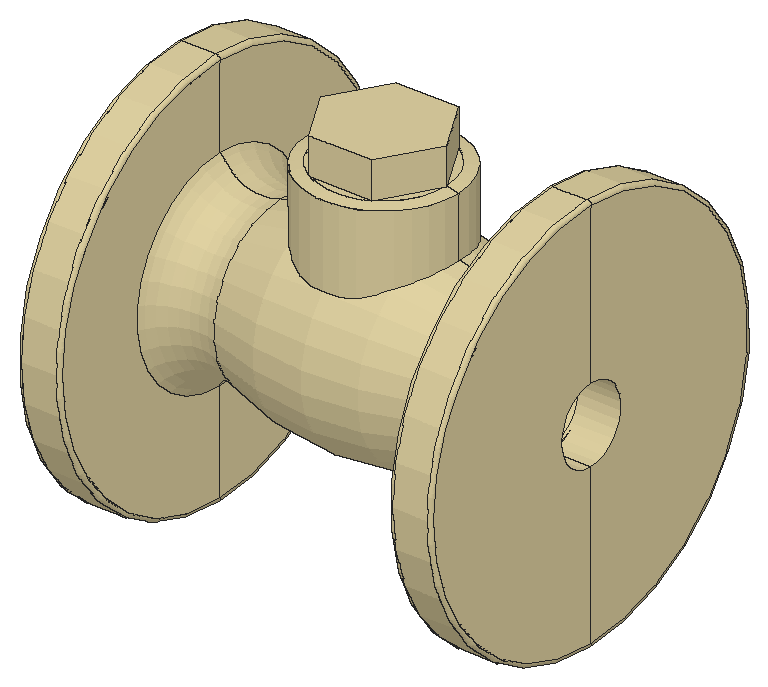
Revit family "DA04260000", category Apparecchi idraulici, Revit 2020
Family settings
  Quota connettore circolare = Usa diametro
  Tipo di parte = Normale
  Numero OmniClass = 23.45.00.00
  Titolo OmniClass = Sanitary, Laundry, and Cleaning Equipment
  Basato su piano di lavoro = No
  Sempre verticale = Sì
  Taglio con vuoti quando caricato = No
  Condiviso = No
  Punto di calcolo locali = No
Parameters
  URL = "https://web.cimberio.com/index.php/figura/688?subcategoria_id=35"
  Temperatura di esercizio = "-10 ÷ 170°C"
  Prospetto di default = 0 mm
  Produttore = "CIMBERIO SPA"
  Pressione nominale = "PN 16"
  Modello = "Cim 79PN16"
  Materiale = "Prodotto in lega di bronzo conforme alla norma EN 1982-CC491K"
  Descrizione = "Utilizzato nei più svariati settori dell'impiantistica in condutture anti-ritorno per: reti di distribuzione acqua potabile, impianti di riscaldamento, condizionamento, igienico-sanitari e distribuzione idrocarburi"
  DN Model [instance] = DA04263110 : DA04263110
  DN [instance] = 15 mm
  Commenti sul tipo = "Realizzato in ottemperanza ai requisiti gestionali della norma EN ISO 9001.\r\nCollaudato al 100% secondo la normativa EN 12266-1"
Reference planes
  plane 1 "Centro (Fronte/Retro)": y = 0
  plane 2: z = 0
  plane 3 "Centro (Sinistra/Destra)": x = 0
Dimensions and locks
  aligned and locked: level to plane 2
Nested families
  nested 1: "DA04263110" at (0, 0, 0), type <- "DN Model", type "DA04263110"
  nested 2: "DA04263110" at (0, 0, 0), type <- "DN Model", type "DA04263110"
  nested 3: "DA04263110" at (0, 0, 0), type <- "DN Model", type "DA04263110"
  nested 4: "DA04263110" at (0, 0, 0), type <- "DN Model", type "DA04263110"
  nested 5: "DA04263110" at (0, 0, 0), type <- "DN Model", type "DA04263110"
  nested 6: "DA04263110" at (0, 0, 0), type <- "DN Model", type "DA04263110"
  nested 7: "DA04263110" at (0, 0, 0), type <- "DN Model", type "DA04263110"
  nested 8: "DA04263110" at (0, 0, 0), type <- "DN Model", type "DA04263110"
  nested 9: "DA04263110" at (0, 0, 0), type <- "DN Model", type "DA04263110"
Connectors
  piping at (41.407, 0, 0), diameter 15, driven by "DN"
    settings: on nested 1, index 1, connector inside diameter 609.6 mm, connector length 0 mm, flow factor 0, pipe flow 0.0 L/s, pressure drop 0.0 Pa, fitting loss kfactor 0, connector angle 0.00°, fixture units 0, engagement length 0 mm, angle of deflection 0.00°, flow configuration 0, flow direction 0, fitting loss method 0, system type 7, joint type 0, gender type 0, connector reference index -1, connector utility 0, adjustable connector no, is connector primary yes, connector description ""
  piping at (-41.232, 0, 0), diameter 15, driven by "DN"
    settings: on nested 1, index 2, connector inside diameter 609.6 mm, connector length 0 mm, flow factor 0, pipe flow 0.0 L/s, pressure drop 0.0 Pa, fitting loss kfactor 0, connector angle 0.00°, fixture units 0, engagement length 0 mm, angle of deflection 0.00°, flow configuration 0, flow direction 0, fitting loss method 0, system type 7, joint type 0, gender type 0, connector reference index -1, connector utility 0, adjustable connector no, is connector primary no, connector description ""
Definition of nested family "DA04263110"
  Parameters (values of type "DA04313110")
    Default Elevation = 0 mm
  Reference planes
    plane 1 "Centro (Fronte/Retro)": y = 0
    plane 2: z = 0
    plane 3 "Centro (Sinistra/Destra)": x = 0
  Forms (mm)
    Revolve 1, solid
      sketch origin (0, 0, 0) x (1, 0, 0) y (0, 0, 1)
        loop
          line (33.343, -7.5) -> (-32.983, -7.5) -> (-32.983, -19.288)
          arc (-32.983, -19.288) -> (-27.734, -14.585) -> (-20.687, -14.614) r 9.811
          arc (-20.687, -14.614) -> (0, -18.5) -> (20.687, -14.614) r 57
          arc (20.687, -14.614) -> (28.136, -14.748) -> (33.343, -20.077) r 9.811
          line (33.343, -20.077) -> (33.343, -7.5)
        axis (-32.983, 2) -> (33.343, 2)
      angle from 0 to 360
    Revolve 2, solid
      sketch origin (0, 0, 0) x (1, 0, 0) y (0, 0, 1)
        loop
          line (-15, 4.172) -> (0, 4.172) -> (0, 32.573) -> (-12.5, 32.573) -> (-15, 32.132) -> (-15, 4.172)
        axis (0, 32.573) -> (0, 4.172)
      angle from 0 to 360
    Extrusion 3, solid
      sketch origin (0, 0, 0) x (0, -1, 0) y (1, 0, 0)
        loop
          line (0, 12.5) -> (-10.825, 6.25) -> (-10.825, -6.25) -> (0, -12.5) -> (10.825, -6.25) -> (10.825, 6.25) -> (0, 12.5)
      from 32.132 to 39.804
    Revolve 4, solid
      sketch origin (-6.732, 0, 0) x (1, 0, 0) y (0, 0, 1)
        loop
          line (-34.5, 39.192) -> (-34.5, 7.5) -> (-26, 7.5) -> (-26, 39.165)
          arc (-26, 39.165) -> (-26.244, 39.756) -> (-26.835, 40) r 0.835
          line (-26.835, 40) -> (-33.692, 40)
          arc (-33.692, 40) -> (-34.263, 39.763) -> (-34.5, 39.192) r 0.808
        axis (-34.5, 0) -> (-26, 0)
      angle from 0 to 360
    Revolve 5, solid
      sketch origin (6.907, 0, 0) x (-1, 0, 0) y (0, 0, 1)
        loop
          line (-34.5, 39.192) -> (-34.5, 7.5) -> (-26, 7.5) -> (-26, 39.165)
          arc (-26, 39.165) -> (-26.244, 39.756) -> (-26.835, 40) r 0.835
          line (-26.835, 40) -> (-33.692, 40)
          arc (-33.692, 40) -> (-34.263, 39.763) -> (-34.5, 39.192) r 0.808
        axis (-34.5, 0) -> (-26, 0)
      angle from 0 to 360
  Dimensions and locks
    aligned and locked: level to plane 2
